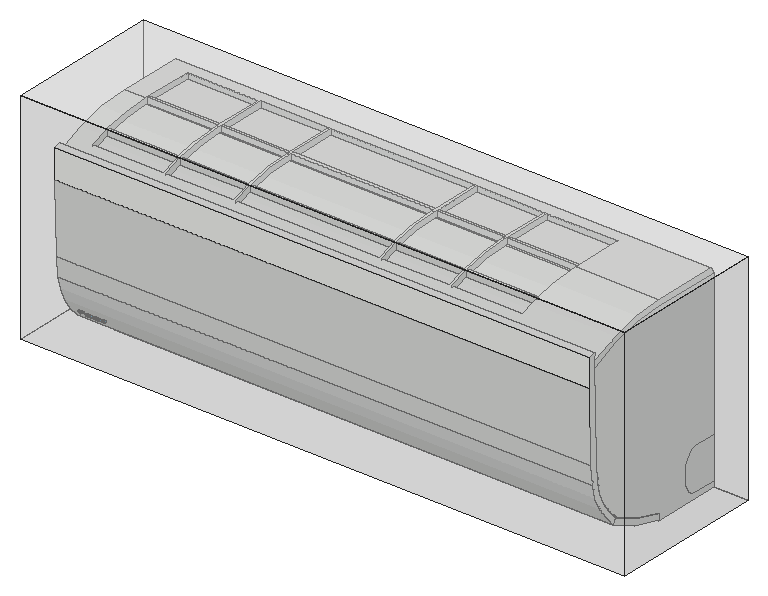
Revit family "outputfile", category 機械設備, Revit 2024 (continued)
Definition of nested family "DAIKIN_indoorunit_FTXF-WVMA"
  Automatic sketch dimensions
    Extrusion 21 sketch curve to Extrusion 21 sketch curve = 74.426 mm
    Extrusion 21 sketch curve to Extrusion 21 sketch curve = 0.483 mm
    Extrusion 21 sketch curve to Extrusion 21 sketch curve = 4.137 mm
    Extrusion 21 sketch curve to Extrusion 21 sketch curve = 31.393 mm
    Extrusion 21 sketch curve to Extrusion 21 sketch curve = 9.215 mm
    Extrusion 21 sketch curve to level = 8.0 mm
    Extrusion 22 sketch curve to plane 1 "Center (Front/Back)" = 0.0 mm
    Extrusion 22 sketch curve to Extrusion 22 sketch curve = 20.0 mm  (x2)
    Extrusion 22 sketch curve to level = 287.035 mm
    Extrusion 23 sketch curve to plane 1 "Center (Front/Back)" = 0.0 mm
    Extrusion 23 sketch curve to Extrusion 23 sketch curve = 20.0 mm  (x2)
    Extrusion 23 sketch curve to level = 287.035 mm
    plane 1 "Center (Front/Back)" to Extrusion 24 sketch curve = 0.0 mm  (x2)
    plane 3 "Center (Left/Right)" to Extrusion 24 sketch curve = 469.0 mm
    Extrusion 24 sketch curve to Extrusion 24 sketch curve = 20.0 mm  (x4)
    Extrusion 24 sketch curve to plane 3 "Center (Left/Right)" = 409.0 mm
  Nested families
    nested 1: "daikin_logo_plane_w40" at (-320, -198.871, -233.244) x (1, 0, 0) z (0, -0.7841, -0.6206), visible <- "switch_unit1_20-50", type "daikin_logo_plane_w40"
      with show_logo yes
    nested 2: "daikin_logo_plane_w40" at (-430, -237.74, -233.244) x (1, 0, 0) z (0, -0.7841, -0.6206), visible <- "switch_unit1_60-71", type "daikin_logo_plane_w40"
      with show_logo yes
  Definition of nested family "daikin_logo_plane_w40"
    Parameters (values of type "daikin_logo_plane_w40")
      width = 40.0 mm
      show_logo [instance] = yes
      material = none
      height = 0.0 mm
      depth = 0.0 mm
      Default Elevation = 1219.2 mm
    Reference planes
      plane 1 "Center (Front/Back)": y = 0
      plane 2: z = 0
      plane 3 "Center (Left/Right)": x = 0
      plane 4: z = 2
      plane 5 "left": x = -19
      plane 6: x = 19
    Forms (mm)
      Extrusion 1, solid, visible <- "show_logo"
        sketch origin (-19, 0, 0) x (1, 0, 0) y (0, 1, 0)
          loop
            line (8.902, -1.878) -> (7.789, -6.332) -> (11.13, -6.332)
            arc (11.13, -6.332) -> (12.454, -6.064) -> (13.472, -5.176) r 2.642
            arc (13.472, -5.176) -> (13.92, -4.02) -> (13.767, -2.79) r 2.537
            arc (13.767, -2.79) -> (13.452, -2.342) -> (12.982, -2.06) r 1.321
            arc (12.982, -2.06) -> (12.063, -1.902) -> (11.13, -1.878) r 6.479
            line (11.13, -1.878) -> (8.902, -1.878)
          loop
            line (10.016, -5.441) -> (10.907, -5.441)
            arc (10.907, -5.441) -> (11.591, -4.983) -> (11.988, -4.261) r 1.742
            spline (11.988, -4.261) -> (12.01, -4.155) -> (12.027, -4.03) -> (12.037, -3.893) -> (12.037, -3.747) -> (12.026, -3.598) -> (12.002, -3.451) -> (11.962, -3.31) -> (11.905, -3.181) -> (11.829, -3.069) -> (11.731, -2.978) -> (11.61, -2.913) -> (11.464, -2.88)
            line (11.464, -2.88) -> (10.573, -2.88) -> (10.016, -5.441)
          loop
            line (13.58, -6.332) -> (14.805, -6.332) -> (15.223, -5.553) -> (16.977, -5.553) -> (17.144, -6.332) -> (19.149, -6.332) -> (18.258, -1.878) -> (16.03, -1.878) -> (13.58, -6.332)
          loop
            line (16.476, -3.214) -> (15.76, -4.551) -> (16.762, -4.551) -> (16.476, -3.214)
          loop
            line (19.705, -6.332) -> (21.599, -6.332) -> (22.712, -1.878) -> (20.819, -1.878) -> (19.705, -6.332)
          loop
            line (22.712, -6.332) -> (24.606, -6.332) -> (24.908, -5.122) -> (25.831, -6.332) -> (28.17, -6.332) -> (26.388, -3.994) -> (28.949, -1.878) -> (26.945, -1.878) -> (25.401, -3.153) -> (25.719, -1.878) -> (23.826, -1.878) -> (22.712, -6.332)
          loop
            line (29.84, -1.878) -> (28.615, -6.332) -> (30.62, -6.332) -> (31.734, -1.878) -> (29.84, -1.878)
          loop
            line (31.734, -6.332) -> (33.07, -6.332) -> (33.7, -3.814) -> (34.518, -6.332) -> (36.745, -6.332) -> (37.859, -1.878) -> (36.523, -1.878) -> (35.845, -4.589) -> (34.963, -1.878) -> (32.847, -1.878) -> (31.734, -6.332)
        from 0 to 2
      Extrusion 2, solid, visible <- "show_logo"
        sketch origin (-19, 0, 0) x (1, 0, 0) y (0, 1, 0)
          loop
            line (8.7, 0) -> (4.235, 0) -> (0, -3.879) -> (0, -8) -> (8.7, 0)
        from 0 to 2
      Extrusion 3, solid, visible <- "show_logo"
        sketch origin (-19, 0, 0) x (1, 0, 0) y (0, 1, 0)
          loop
            line (0, 0) -> (0, -3.879) -> (4.235, 0) -> (0, 0)
        from 0 to 2
    Dimensions and locks
      plane 4 to plane 2 = 2.0 mm
      equal spacing: plane 5 "left", plane 3 "Center (Left/Right)", plane 6
      locked: plane 5 "left" to plane 6 at 38
      aligned and locked: level to plane 2
      aligned and locked: Extrusion 3 to plane 1 "Center (Front/Back)"  (x2)
      aligned and locked: Extrusion 2 to plane 1 "Center (Front/Back)"  (x2)
      aligned and locked: plane 4 to Extrusion 1
      aligned and locked: plane 4 to Extrusion 3
      aligned and locked: plane 4 to Extrusion 2
      aligned and locked: Extrusion 3 to plane 5 "left"
      aligned and locked: Extrusion 2 to plane 5 "left"
    Automatic sketch dimensions
      Extrusion 1 sketch curve to Extrusion 1 sketch curve = 0.901 mm
      Extrusion 1 sketch curve to Extrusion 1 sketch curve = 1.559 mm
      Extrusion 1 sketch curve to Extrusion 1 sketch curve = 1.327 mm
      Extrusion 1 sketch curve to Extrusion 1 sketch curve = 2.145 mm
      Extrusion 1 sketch curve to Extrusion 1 sketch curve = 1.448 mm
      Extrusion 1 sketch curve to Extrusion 1 sketch curve = 2.116 mm
      Extrusion 1 sketch curve to Extrusion 1 sketch curve = 1.114 mm  (x4)
      Extrusion 1 sketch curve to Extrusion 1 sketch curve = 1.336 mm  (x2)
      plane 1 "Center (Front/Back)" to Extrusion 1 sketch curve = 1.878 mm  (x5)
      Extrusion 1 sketch curve to Extrusion 1 sketch curve = 1.893 mm  (x5)
      Extrusion 1 sketch curve to Extrusion 1 sketch curve = 0.891 mm  (x4)
      Extrusion 1 sketch curve to Extrusion 1 sketch curve = 2.005 mm  (x3)
      Extrusion 1 sketch curve to Extrusion 1 sketch curve = 0.445 mm  (x2)
      plane 1 "Center (Front/Back)" to Extrusion 1 sketch curve = 3.994 mm
      Extrusion 1 sketch curve to Extrusion 1 sketch curve = 0.557 mm  (x2)
      Extrusion 1 sketch curve to Extrusion 1 sketch curve = 2.339 mm  (x2)
      Extrusion 1 sketch curve to Extrusion 1 sketch curve = 1.225 mm  (x3)
      plane 1 "Center (Front/Back)" to Extrusion 1 sketch curve = 3.153 mm
      Extrusion 1 sketch curve to Extrusion 1 sketch curve = 0.987 mm
      plane 1 "Center (Front/Back)" to Extrusion 1 sketch curve = 5.122 mm
      Extrusion 1 sketch curve to Extrusion 1 sketch curve = 0.922 mm
      plane 1 "Center (Front/Back)" to Extrusion 1 sketch curve = 6.332 mm
      Extrusion 1 sketch curve to Extrusion 1 sketch curve = 2.562 mm
      plane 1 "Center (Front/Back)" to Extrusion 1 sketch curve = 5.553 mm
      Extrusion 1 sketch curve to Extrusion 1 sketch curve = 0.167 mm
      Extrusion 1 sketch curve to Extrusion 1 sketch curve = 0.215 mm
      plane 1 "Center (Front/Back)" to Extrusion 1 sketch curve = 3.214 mm
      Extrusion 1 sketch curve to Extrusion 1 sketch curve = 0.286 mm
      plane 1 "Center (Front/Back)" to Extrusion 1 sketch curve = 4.551 mm
      Extrusion 1 sketch curve to Extrusion 1 sketch curve = 1.002 mm
      Extrusion 1 sketch curve to Extrusion 1 sketch curve = 0.537 mm
      Extrusion 1 sketch curve to Extrusion 1 sketch curve = 0.418 mm
      Extrusion 1 sketch curve to Extrusion 1 sketch curve = 1.028 mm
      plane 1 "Center (Front/Back)" to Extrusion 1 sketch curve = 4.261 mm
      Extrusion 1 sketch curve to Extrusion 1 sketch curve = 0.563 mm
      plane 1 "Center (Front/Back)" to Extrusion 1 sketch curve = 2.88 mm
      Extrusion 1 sketch curve to Extrusion 1 sketch curve = 1.088 mm
      Extrusion 1 sketch curve to Extrusion 1 sketch curve = 2.152 mm
      Extrusion 1 sketch curve to Extrusion 1 sketch curve = 0.586 mm
      Extrusion 1 sketch curve to Extrusion 1 sketch curve = 0.118 mm
      Extrusion 1 sketch curve to Extrusion 1 sketch curve = 0.298 mm
      Extrusion 1 sketch curve to Extrusion 1 sketch curve = 0.334 mm
      Extrusion 1 sketch curve to Extrusion 1 sketch curve = 0.223 mm
      Extrusion 1 sketch curve to Extrusion 1 sketch curve = 0.266 mm
      Extrusion 1 sketch curve to Extrusion 1 sketch curve = 1.671 mm
      Extrusion 1 sketch curve to Extrusion 1 sketch curve = 2.227 mm
      Extrusion 1 sketch curve to Extrusion 1 sketch curve = 0.0 mm  (x7)
      Extrusion 1 sketch curve to Extrusion 1 sketch curve = 3.453 mm
      Extrusion 1 sketch curve to Extrusion 1 sketch curve = 2.017 mm
      Extrusion 1 sketch curve to Extrusion 1 sketch curve = 0.78 mm  (x2)
      Extrusion 1 sketch curve to Extrusion 1 sketch curve = 1.743 mm
      Extrusion 1 sketch curve to Extrusion 1 sketch curve = 0.775 mm
      Extrusion 1 sketch curve to Extrusion 1 sketch curve = 0.552 mm
      Extrusion 1 sketch curve to Extrusion 1 sketch curve = 0.014 mm
      Extrusion 1 sketch curve to Extrusion 1 sketch curve = 0.952 mm
      Extrusion 1 sketch curve to Extrusion 1 sketch curve = 1.215 mm
      Extrusion 1 sketch curve to Extrusion 1 sketch curve = 0.108 mm
      plane 1 "Center (Front/Back)" to Extrusion 2 sketch curve = 0.0 mm
      Extrusion 2 sketch curve to plane 3 "Center (Left/Right)" = 19.0 mm
      Extrusion 2 sketch curve to plane 3 "Center (Left/Right)" = 14.765 mm
      Extrusion 2 sketch curve to Extrusion 2 sketch curve = 4.465 mm
      plane 1 "Center (Front/Back)" to Extrusion 2 sketch curve = 3.879 mm
      Extrusion 2 sketch curve to Extrusion 2 sketch curve = 4.12 mm
      plane 1 "Center (Front/Back)" to Extrusion 3 sketch curve = 0.0 mm
      Extrusion 3 sketch curve to plane 3 "Center (Left/Right)" = 19.0 mm
      Extrusion 3 sketch curve to plane 3 "Center (Left/Right)" = 14.765 mm
      plane 1 "Center (Front/Back)" to Extrusion 3 sketch curve = 3.879 mm
      Extrusion 1 sketch curve to plane 3 "Center (Left/Right)" = 11.211 mm
      Extrusion 1 sketch curve to Extrusion 1 sketch curve = 1.782 mm
Definition of nested family "daikin_connector_rotate3"
  Parameters (values of type "daikin_connector_rotate3")
    show [instance] = yes
    radius [instance] = 10.0 mm
    length [instance] = 600.0 mm
    angle_horizontal [instance] = 60.00°
    angle_vertical [instance] = 90.00°
    Default Elevation = 1219.2 mm
  Reference planes
    plane 1 "Center (Front/Back)": y = 0
    plane 2: z = 0
    plane 3 "Center (Left/Right)": x = 0
  Dimensions and locks
    "angle_horizontal": angle plane 3 "Center (Left/Right)" to nested 1
    aligned and locked: level to plane 2
    aligned and locked: plane 1 "Center (Front/Back)" to nested 1  (x2)
    aligned and locked: plane 3 "Center (Left/Right)" to nested 1
  Nested families
    nested 1: "daikin_connector_rotate2" at (0, 0, 0) x (0.5, 0.866, 0) z (0, 0, 1), angle_vertical <- "angle_vertical", length <- "length", radius <- "radius", type "daikin_connector_rotate2"
      with radius 10.0 mm, length 600.0 mm, angle_vertical 90.00°
  Definition of nested family "daikin_connector_rotate2"
    Parameters (values of type "daikin_connector_rotate2")
      show_face = yes
      radius [instance] = 10.0 mm
      length [instance] = 600.0 mm
      d_surface = 10.0 mm
      angle_vertical [instance] = 90.00°
      Default Elevation = 0.0 mm
    Reference planes
      plane 1 "Center (Front/Back)": y = 0
      plane 2: z = 0
      plane 3 "Center (Left/Right)": x = 0
    Forms (mm)
      Extrusion 1, solid, visible <- "show_face"
        sketch origin (0, -600, 0) x (1, 0, 0) y (0, 0, 1)
          loop
            circle (0, 0) r 10
        from 0 to -10
    Lines and regions (mm)
      reference lines
        curve 1: line (0, 0, 0) -> (0, -600, 0)
      symbolic lines
        curve 2: circle (0, 0, 0) r 5 normal (0, 0, 1)
      model lines, visible <- "show_face"
        curve 3: line (0, 0, 0) -> (0, -600, 0)
    Dimensions and locks
      "length": curve 1 to curve 1
      "length": curve 3 to curve 3
      "d_surface": Extrusion 1 to Extrusion 1
      "radius": radius of Extrusion 1 sketch curve
      "angle_vertical": angle curve 1 to plane 1 "Center (Front/Back)"
      "angle_vertical": angle curve 3 to plane 1 "Center (Front/Back)"
      aligned and locked: level to plane 2
      aligned and locked: plane 1 "Center (Front/Back)" to curve 1
      aligned and locked: plane 2 to curve 1
      aligned and locked: plane 1 "Center (Front/Back)" to curve 2
      aligned and locked: plane 3 "Center (Left/Right)" to curve 2
      aligned and locked: plane 1 "Center (Front/Back)" to curve 3
      aligned and locked: plane 2 to curve 3
      aligned and locked: Extrusion 1 to Extrusion 1
    Automatic sketch dimensions
      Extrusion 1 sketch curve to level = 0.0 mm
      Extrusion 1 sketch curve to plane 3 "Center (Left/Right)" = 0.0 mm
      radius of curve 2 = 5.0 mm
